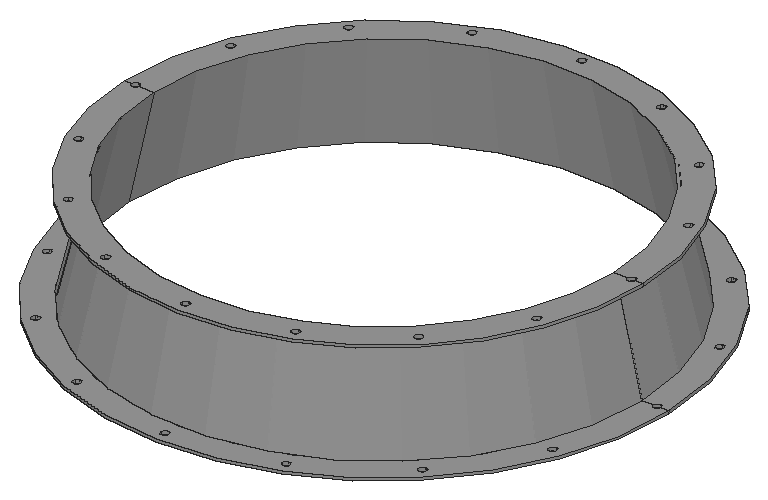
Revit family "VK-AF", category Duct Accessories, Revit 2021
Family settings
  Round Connector Dimension = Use Diameter
  Part Type = Attaches To
  Work Plane-Based = No
  Always vertical = Yes
  Cut with Voids When Loaded = No
  Shared = No
Parameters (values of type "VK-AF-900")
  Weight = 21.00 kg
  Load Classification = "HVAC"  # constant formula
  Length = H  # 210 mm
  Dy = 900 mm
  Dn = 905 mm
  Diameter = F2  # 1115 mm
  Default Elevation = 0 mm
  Manufacturer = "BLAUBERG"  # constant formula
  n = 16
  f2 = F2 / 2  # 557.5 mm
  f1 = F1 / 2  # 535 mm
  f = F / 2  # 500 mm
  d = 15 mm
  URL = ""
  R2 = D2 / 2  # 507.5 mm
  R1 = D1 / 2  # 485 mm
  R = D / 2  # 450 mm
  Maintenance zone material = none
  H = 210 mm
  F2 = 1115 mm
  F1 = 1070 mm
  F = 1000 mm
  D2 = 1015 mm
  D1 = 970 mm
  D = 900 mm
  Casing Material = Metal, painted, grey, matt RAL 7040
  09_System_Name [instance] = ""
  00_20_Type = "VK-AF-900"
  00_20_Name = "Inlet cone"  # constant formula
  00_20_Manufacturer = "BLAUBERG"  # constant formula
Types (12, lengths in mm): name | Weight | Length | Diameter | n | f2 | f1 | f | d | R2 | R1 | R | H | F2 | F1 | F | D2 | D1 | D | 00_20_Type
  (no name) | 21.00 kg | 210 | 1115 | 16 | 557.5 | 535 | 500 | 15 | 507.5 | 485 | 450 | 210 | 1115 | 1070 | 1000 | 1015 | 970 | 900 | "VK-AF-900"
  VK-AF-400 | 2.70 kg | 95 | 540 | 12 | 270 | 250 | 225 | 8 | 245 | 225 | 200 | 95 | 540 | 500 | 450 | 490 | 450 | 400 | "VK-AF-400"
  VK-AF-1250 | 53.50 kg | 285 | 1550 | 20 | 775 | 735 | 700 | 15 | 700 | 660 | 625 | 285 | 1550 | 1470 | 1400 | 1400 | 1320 | 1250 | "VK-AF-1250"
  VK-AF-450 | 3.30 kg | 110 | 600 | 12 | 300 | 280 | 250 | 8 | 270 | 250 | 225 | 110 | 600 | 560 | 500 | 540 | 500 | 450 | "VK-AF-450"
  VK-AF-500 | 4.00 kg | 120 | 660 | 12 | 330 | 310 | 280 | 12 | 300 | 280 | 250 | 120 | 660 | 620 | 560 | 600 | 560 | 500 | "VK-AF-500"
  VK-AF-560 | 4.65 kg | 135 | 730 | 12 | 365 | 345 | 315 | 12 | 330 | 310 | 280 | 135 | 730 | 690 | 630 | 660 | 620 | 560 | "VK-AF-560"
  VK-AF-630 | 6.80 kg | 150 | 810 | 12 | 405 | 385 | 355 | 12 | 365 | 345 | 315 | 150 | 810 | 770 | 710 | 730 | 690 | 630 | "VK-AF-630"
  VK-AF-710 | 12.00 kg | 170 | 900 | 16 | 450 | 430 | 400 | 12 | 405 | 385 | 355 | 170 | 900 | 860 | 800 | 810 | 770 | 710 | "VK-AF-710"
  VK-AF-800 | 15.00 kg | 190 | 1015 | 16 | 507.5 | 485 | 450 | 12 | 450 | 430 | 400 | 190 | 1015 | 970 | 900 | 900 | 860 | 800 | "VK-AF-800"
  VK-AF-900 | 21.00 kg | 210 | 1115 | 16 | 557.5 | 535 | 500 | 15 | 507.5 | 485 | 450 | 210 | 1115 | 1070 | 1000 | 1015 | 970 | 900 | "VK-AF-900"
  VK-AF-1000 | 36.70 kg | 240 | 1270 | 16 | 635 | 595 | 560 | 15 | 557.5 | 535 | 500 | 240 | 1270 | 1190 | 1120 | 1115 | 1070 | 1000 | "VK-AF-1000"
  VK-AF-1120 | 45.00 kg | 255 | 1400 | 20 | 700 | 660 | 625 | 15 | 635 | 595 | 560 | 255 | 1400 | 1320 | 1250 | 1270 | 1190 | 1120 | "VK-AF-1120"
Reference planes
  plane 1 "По центру (Вперед/Назад)": y = 0
  plane 2: z = 0
  plane 3 "По центру (Влево/Вправо)": x = 0
Forms (mm)
  Revolve 1, solid, material "Metal, painted, grey, matt RAL 7040" <- "Casing Material"
    sketch origin (0, 0, 0) x (1, 0, 0) y (0, 0, 1)
      loop
        line (500, 0) -> (557.5, 0) -> (557.5, 5) -> (503.949, 5) -> (456.33, 205) -> (507.5, 205) -> (507.5, 210) -> (450, 210) -> (500, 0)
      axis (0, 0) -> (0, 210)
    angle from 0 to 360
  Extrusion 2, void
    sketch origin (0, 262.517, 0) x (1, 0, 0) y (0, 1, 0)
      loop
        circle (0, 222.483) r 7.5
    from 205 to 210 <- "H"
  Extrusion 3, void
    sketch origin (100.461, 242.534, 0) x (0.92388, -0.382683, 0) y (0.382683, 0.92388, 0)
      loop
        circle (0, 222.483) r 7.5
    from 205 to 210 <- "H"
  Extrusion 4, void
    sketch origin (-100.461, 242.534, 0) x (0.92388, 0.382683, 0) y (-0.382683, 0.92388, 0)
      loop
        circle (0, 222.483) r 7.5
    from 205 to 210 <- "H"
  Extrusion 5, void
    sketch origin (-185.627, 185.627, 0) x (0.707107, 0.707107, 0) y (-0.707107, 0.707107, 0)
      loop
        circle (0, 222.483) r 7.5
    from 205 to 210 <- "H"
  Extrusion 6, void
    sketch origin (-242.534, 100.461, 0) x (0.382683, 0.92388, 0) y (-0.92388, 0.382683, 0)
      loop
        circle (0, 222.483) r 7.5
    from 205 to 210 <- "H"
  Extrusion 7, void
    sketch origin (-262.517, 0, 0) x (0, 1, 0) y (-1, 0, 0)
      loop
        circle (0, 222.483) r 7.5
    from 205 to 210 <- "H"
  Extrusion 8, void
    sketch origin (-242.534, -100.461, 0) x (-0.382683, 0.92388, 0) y (-0.92388, -0.382683, 0)
      loop
        circle (0, 222.483) r 7.5
    from 205 to 210 <- "H"
  Extrusion 9, void
    sketch origin (-185.627, -185.627, 0) x (-0.707107, 0.707107, 0) y (-0.707107, -0.707107, 0)
      loop
        circle (0, 222.483) r 7.5
    from 205 to 210 <- "H"
  Extrusion 10, void
    sketch origin (-100.461, -242.534, 0) x (-0.92388, 0.382683, 0) y (-0.382683, -0.92388, 0)
      loop
        circle (0, 222.483) r 7.5
    from 205 to 210 <- "H"
  Extrusion 11, void
    sketch origin (0, -262.517, 0) x (-1, 0, 0) y (0, -1, 0)
      loop
        circle (0, 222.483) r 7.5
    from 205 to 210 <- "H"
  Extrusion 12, void
    sketch origin (100.461, -242.534, 0) x (-0.92388, -0.382683, 0) y (0.382683, -0.92388, 0)
      loop
        circle (0, 222.483) r 7.5
    from 205 to 210 <- "H"
  Extrusion 13, void
    sketch origin (185.627, -185.627, 0) x (-0.707107, -0.707107, 0) y (0.707107, -0.707107, 0)
      loop
        circle (0, 222.483) r 7.5
    from 205 to 210 <- "H"
  Extrusion 14, void
    sketch origin (0, 279.67, 0) x (1, 0, 0) y (0, 1, 0)
      loop
        circle (0, 255.33) r 7.5
    from 5 to 0
  Extrusion 15, void
    sketch origin (107.025, 258.382, 0) x (0.92388, -0.382683, 0) y (0.382683, 0.92388, 0)
      loop
        circle (0, 255.33) r 7.5
    from 5 to 0
  Extrusion 16, void
    sketch origin (-107.025, 258.382, 0) x (0.92388, 0.382683, 0) y (-0.382683, 0.92388, 0)
      loop
        circle (0, 255.33) r 7.5
    from 5 to 0
  Extrusion 17, void
    sketch origin (-197.757, 197.757, 0) x (0.707107, 0.707107, 0) y (-0.707107, 0.707107, 0)
      loop
        circle (0, 255.33) r 7.5
    from 5 to 0
  Extrusion 18, void
    sketch origin (-258.382, 107.025, 0) x (0.382683, 0.92388, 0) y (-0.92388, 0.382683, 0)
      loop
        circle (0, 255.33) r 7.5
    from 5 to 0
  Extrusion 19, void
    sketch origin (-279.67, 0, 0) x (0, 1, 0) y (-1, 0, 0)
      loop
        circle (0, 255.33) r 7.5
    from 5 to 0
  Extrusion 20, void
    sketch origin (-258.382, -107.025, 0) x (-0.382683, 0.92388, 0) y (-0.92388, -0.382683, 0)
      loop
        circle (0, 255.33) r 7.5
    from 5 to 0
  Extrusion 21, void
    sketch origin (-197.757, -197.757, 0) x (-0.707107, 0.707107, 0) y (-0.707107, -0.707107, 0)
      loop
        circle (0, 255.33) r 7.5
    from 5 to 0
  Extrusion 22, void
    sketch origin (-107.025, -258.382, 0) x (-0.92388, 0.382683, 0) y (-0.382683, -0.92388, 0)
      loop
        circle (0, 255.33) r 7.5
    from 5 to 0
  Extrusion 23, void
    sketch origin (0, -279.67, 0) x (-1, 0, 0) y (0, -1, 0)
      loop
        circle (0, 255.33) r 7.5
    from 5 to 0
  Extrusion 24, void
    sketch origin (107.025, -258.382, 0) x (-0.92388, -0.382683, 0) y (0.382683, -0.92388, 0)
      loop
        circle (0, 255.33) r 7.5
    from 5 to 0
  Extrusion 25, void
    sketch origin (197.757, -197.757, 0) x (-0.707107, -0.707107, 0) y (0.707107, -0.707107, 0)
      loop
        circle (0, 255.33) r 7.5
    from 5 to 0
  Extrusion 26, void
    sketch origin (242.534, -100.461, 0) x (-0.382683, -0.92388, 0) y (0.92388, -0.382683, 0)
      loop
        circle (0, 222.483) r 7.5
    from 205 to 210 <- "H"
  Extrusion 27, void
    sketch origin (262.517, 0, 0) x (0, -1, 0) y (1, 0, 0)
      loop
        circle (0, 222.483) r 7.5
    from 205 to 210 <- "H"
  Extrusion 28, void
    sketch origin (242.534, 100.461, 0) x (0.382683, -0.92388, 0) y (0.92388, 0.382683, 0)
      loop
        circle (0, 222.483) r 7.5
    from 205 to 210 <- "H"
  Extrusion 29, void
    sketch origin (185.627, 185.627, 0) x (0.707107, -0.707107, 0) y (0.707107, 0.707107, 0)
      loop
        circle (0, 222.483) r 7.5
    from 205 to 210 <- "H"
  Extrusion 30, void
    sketch origin (258.382, -107.025, 0) x (-0.382683, -0.92388, 0) y (0.92388, -0.382683, 0)
      loop
        circle (0, 255.33) r 7.5
    from 5 to 0
  Extrusion 31, void
    sketch origin (279.67, 0, 0) x (0, -1, 0) y (1, 0, 0)
      loop
        circle (0, 255.33) r 7.5
    from 5 to 0
  Extrusion 32, void
    sketch origin (258.382, 107.025, 0) x (0.382683, -0.92388, 0) y (0.92388, 0.382683, 0)
      loop
        circle (0, 255.33) r 7.5
    from 5 to 0
  Extrusion 33, void
    sketch origin (197.757, 197.757, 0) x (0.707107, -0.707107, 0) y (0.707107, 0.707107, 0)
      loop
        circle (0, 255.33) r 7.5
    from 5 to 0
Cuts and joins
  Extrusion 2, Extrusion 3, Extrusion 4, Extrusion 5, Extrusion 6, Extrusion 7, Extrusion 8, Extrusion 9, Extrusion 10, Extrusion 11, Extrusion 12, Extrusion 13, Extrusion 14, Extrusion 15, Extrusion 16, Extrusion 17, Extrusion 18, Extrusion 19, Extrusion 20, Extrusion 21, Extrusion 22, Extrusion 23, Extrusion 24, Extrusion 25, Extrusion 26, Extrusion 27, Extrusion 28, Extrusion 29, Extrusion 30, Extrusion 31, Extrusion 32, Extrusion 33 cuts Revolve 1
Dimensions and locks
  "R2": Revolve 1 sketch curve to plane 3 "По центру (Влево/Вправо)"
  "f2": Revolve 1 sketch curve to plane 3 "По центру (Влево/Вправо)"
  locked: Revolve 1 sketch curve to Revolve 1 sketch curve at 5  (x2)
  locked: Revolve 1 sketch curve to level at 5
  "H": Revolve 1 sketch curve to level
  "R": Revolve 1 sketch curve to plane 3 "По центру (Влево/Вправо)"
  "f": Revolve 1 sketch curve to plane 3 "По центру (Влево/Вправо)"
  Extrusion 2 to level = 210 mm
  locked: Extrusion 2 to Extrusion 2 at 5
  locked: Extrusion 3 to Extrusion 3 at 5
  locked: Extrusion 4 to Extrusion 4 at 5
  locked: Extrusion 5 to Extrusion 5 at 5
  locked: Extrusion 6 to Extrusion 6 at 5
  locked: Extrusion 7 to Extrusion 7 at 5
  locked: Extrusion 8 to Extrusion 8 at 5
  locked: Extrusion 9 to Extrusion 9 at 5
  locked: Extrusion 10 to Extrusion 10 at 5
  locked: Extrusion 11 to Extrusion 11 at 5
  locked: Extrusion 12 to Extrusion 12 at 5
  locked: Extrusion 13 to Extrusion 13 at 5
  locked: Extrusion 14 to Extrusion 14 at 5
  locked: Extrusion 15 to Extrusion 15 at 5
  locked: Extrusion 16 to Extrusion 16 at 5
  locked: Extrusion 17 to Extrusion 17 at 5
  locked: Extrusion 18 to Extrusion 18 at 5
  locked: Extrusion 19 to Extrusion 19 at 5
  locked: Extrusion 20 to Extrusion 20 at 5
  locked: Extrusion 21 to Extrusion 21 at 5
  locked: Extrusion 22 to Extrusion 22 at 5
  locked: Extrusion 23 to Extrusion 23 at 5
  locked: Extrusion 24 to Extrusion 24 at 5
  locked: Extrusion 25 to Extrusion 25 at 5
  locked: Extrusion 26 to Extrusion 26 at 5
  locked: Extrusion 27 to Extrusion 27 at 5
  locked: Extrusion 28 to Extrusion 28 at 5
  locked: Extrusion 29 to Extrusion 29 at 5
  locked: Extrusion 30 to Extrusion 30 at 5
  locked: Extrusion 31 to Extrusion 31 at 5
  locked: Extrusion 32 to Extrusion 32 at 5
  locked: Extrusion 33 to Extrusion 33 at 5
  "d": diameter of Extrusion 2 sketch curve
  "d": diameter of Extrusion 3 sketch curve
  "d": diameter of Extrusion 4 sketch curve
  "R1": radius of radial array
  "d": diameter of Extrusion 5 sketch curve
  "d": diameter of Extrusion 6 sketch curve
  "d": diameter of Extrusion 7 sketch curve
  "d": diameter of Extrusion 8 sketch curve
  "d": diameter of Extrusion 9 sketch curve
  "d": diameter of Extrusion 10 sketch curve
  "d": diameter of Extrusion 11 sketch curve
  "d": diameter of Extrusion 12 sketch curve
  "d": diameter of Extrusion 13 sketch curve
  "d": diameter of Extrusion 14 sketch curve
  "d": diameter of Extrusion 15 sketch curve
  "d": diameter of Extrusion 16 sketch curve
  "f1": radius of radial array
  "d": diameter of Extrusion 17 sketch curve
  "d": diameter of Extrusion 18 sketch curve
  "d": diameter of Extrusion 19 sketch curve
  "d": diameter of Extrusion 20 sketch curve
  "d": diameter of Extrusion 21 sketch curve
  "d": diameter of Extrusion 22 sketch curve
  "d": diameter of Extrusion 23 sketch curve
  "d": diameter of Extrusion 24 sketch curve
  "d": diameter of Extrusion 25 sketch curve
  "d": diameter of Extrusion 26 sketch curve
  "d": diameter of Extrusion 27 sketch curve
  "d": diameter of Extrusion 28 sketch curve
  "d": diameter of Extrusion 29 sketch curve
  "d": diameter of Extrusion 30 sketch curve
  "d": diameter of Extrusion 31 sketch curve
  "d": diameter of Extrusion 32 sketch curve
  "d": diameter of Extrusion 33 sketch curve
  aligned and locked: level to plane 2
  aligned and locked: Revolve 1 sketch curve to level
  aligned and locked: Extrusion 14 to level
Automatic sketch dimensions
  Revolve 1 sketch curve to plane 3 "По центру (Влево/Вправо)" = 0 mm
  level to Revolve 1 sketch curve = 35 mm
  Revolve 1 sketch curve to Revolve 1 sketch curve = 120 mm
